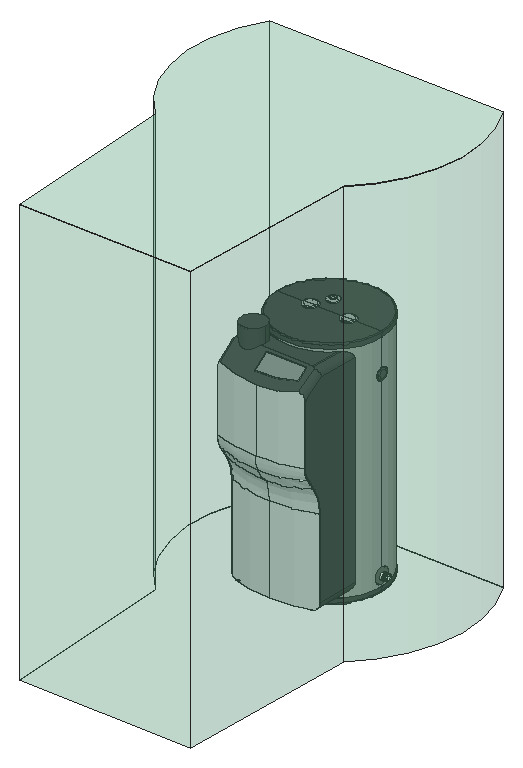
Revit family "Innovo NL_IR 20 160 NL NAT", category Mechanical Equipment, Revit 2015
Parameters (values of type "IR-20-160 NL NAT")
  Werkruimte Radius = Diameter + 170 mm  # 730 mm
  Werkruimte Hoogte = Hoogte + 1000 mm  # 2270 mm
  Werkruimte Afstand Voor = 1000 mm
  Werkruimte [instance] = yes
  Voorzorgsmaatregelen tijdens montage, installatie of onderhoud = "zie Gebruikers, Installatie, Service en Onderhouds handleiding"  # constant formula
  Voltage = 230 V  # constant formula
  Verpakkingslengte = 946 mm  # constant formula
  Verpakkingshoogte = 1465 mm
  Verpakkingsbreedte = 786 mm  # constant formula
  Uitsluitend werkend in daluren = no
  Type aanduiding = "IR-20-160"
  Transportgewicht = 114 kg
  Totaal Gewicht = 274 kg
  Stilstandsverlies - dagelijks (24u) = 0 W
  Stilstandsverlies = 0 W
  Standaard Afgesteld op = "G30/G31"
  Stand Regelthermostaat = 65 °C  # constant formula
  Soort Verpakking = "Karton en Hout"  # constant formula
  Slimme controlefunctie = no
  Setpoint thermostaat = 65 °C  # constant formula
  Seizoens Rendement (Hs) = [Rendement (Hs, vlgs. NEN-EN 89 - 1999)]  # 95
  Rendement (Hs, vlgs. NEN-EN 89 - 1999) = 95
  Rendement (Hi, vlgs. NEN-EN 89 - 1999) = 106
  Produktspecificaties Link = ""
  Produkthandleiding Link = ""
  Produkt Model Nummer (EAN-nummer) = "8717449283902"
  Onderhoudsinterval = "12 maanden"  # constant formula
  Nominale Belasting (Onderwaarde) = "20500.0/18000.0"
  Nominale Belasting (Bovenwaarde) = "21200.0/19600.0"
  Nominaal Vermogen = "21200.0/18700.0"
  NOx-uitstoot mg/kWh = "64.0/30.0"
  NOx-uitstoot (lucht vrij, 0% O2) ppm = "39.0/18.0"
  Min. Stand Regelthermostaat = 40 °C  # constant formula
  Max. Werkdruk = 800000.0 Pa
  Max. Stand Regelthermostaat = 85 °C  # constant formula
  Max. Rookgastemperatuur = 61 °C
  Ledig Gewicht = 95 kg
  Kraan Hoogte 02 = if(and(Hoogte = 1745 mm, Diameter = 675 mm), 1518 mm, if(and(Hoogte = 1745 mm, Diameter = 610 mm), 1534 mm, if(Hoogte = 1545 mm, 1328 mm, 1070 mm)))  # 1070 mm
  Kraan Hoogte 01 = if(and(Diameter > 560 mm), 693 mm, 604 mm)  # 604 mm
  Uitschakeldruk LDS < = 115.0 Pa
  URL = "www.aosmith.nl"
  Tapcapaciteit bij ΔT = 70°C  na 90 min. = 410.0 L
  Tapcapaciteit bij ΔT = 70°C  na 60 min. = 290.0 L
  Tapcapaciteit bij ΔT = 70°C  na 30 min. = 170.0 L
  Tapcapaciteit bij ΔT = 70°C  na 120 min. = 520.0 L
  Tapcapaciteit bij ΔT = 55°C  na 90 min. = 540.0 L
  Tapcapaciteit bij ΔT = 55°C  na 60 min. = 390.0 L
  Tapcapaciteit bij ΔT = 55°C  na 30 min. = 240.0 L
  Tapcapaciteit bij ΔT = 55°C  na 120 min. = 700.0 L
  Tapcapaciteit bij ΔT = 50°C  na 90 min. = 600.0 L
  Tapcapaciteit bij ΔT = 50°C  na 60 min. = 440.0 L
  Tapcapaciteit bij ΔT = 50°C  na 30 min. = 270.0 L
  Tapcapaciteit bij ΔT = 50°C na 120 min. = 770.0 L
  Tapcapaciteit bij ΔT = 44°C na 120 min. = 690.0 L
  Tapcapaciteit bij ΔT = 44°C  na 90 min. = 510.0 L
  Tapcapaciteit bij ΔT = 44°C  na 60 min. = 320.0 L
  Tapcapaciteit bij ΔT = 44°C  na 30 min. = 880.0 L
  Tapcapaciteit bij ΔT = 28°C na 90 min. = 1200.0 L
  Tapcapaciteit bij ΔT = 28°C na 60 min. = 820.0 L
  Tapcapaciteit bij ΔT = 28°C na 30 min. = 530.0 L
  Tapcapaciteit bij ΔT = 28°C na 120 min. = 1500.0 L
  Tapcapaciteit Continu bij ΔT = 70°C = 240.0 L/s
  Tapcapaciteit Continu bij ΔT = 55°C = 300.0 L/s
  Tapcapaciteit Continu bij ΔT = 50°C = 330.0 L/s
  Tapcapaciteit Continu bij ΔT = 44°C = 380.0 L/s
  Tapcapaciteit Continu bij ΔT = 28°C = 590.0 L/s
  Opwarmtijd bij ΔT = 70°C = "27"
  Opwarmtijd bij ΔT = 55°C = "21"
  Opwarmtijd bij ΔT = 50°C = "19"
  Opwarmtijd bij ΔT = 44°C = "17"
  Opwarmtijd bij ΔT = 28°C = "11"
  Model = "IR-20-160 NL LP"
  Manufacturer = "A.O. Smith Water Products Company b.v."  # constant formula
  Length = 780 mm  # constant formula
  Jaarlijks elektriciteitsverbruik (2) = "-"
  Jaarlijks elektriciteitsverbruik (1) = "37 kWh"
  Jaarlijks brandstofverbruik (2) = "-"
  Jaarlijks brandstofverbruik (1) = "16 GJ GCV"
  Isolatiedikte = 50 mm
  Installatie Typen = "B23/C13/C33/C43/C53/C63"  # constant formula
  Inhoud = 160.0 L
  Hoogte Warm Water Uitlaat = 1270 mm
  Hoogte Rookgasafvoer = 1295 mm
  Hoogte Lucht Inlaat = 1295 mm
  Hoogte Koud Water Inlaat = 170 mm
  Hoogte Gas Aansluiting = 860 mm
  Hoogte = 1270 mm
  Handelsmerk = "A.O. Smith"  # constant formula
  Geluidsniveau dB (A) = "<45"  # constant formula
  Geluidsniveau binnen = "52 dB"
  Gasverbruik - Volume ltr/hr = "-"
  Gasverbruik - Massa kg/h = "1.60/1.40"
  Gascategorie = "II2EK3B/P"  # constant formula
  Gas Voordruk = 5000.0 Pa
  Gas Aansluiting = 15"  # constant formula
  Garrantie op Tank = "36 maanden"  # constant formula
  Garrantie op Onderdelen = "12 maanden"  # constant formula
  Frequentie = 50 Hz  # constant formula
  Fase = 1
  Fabrikantnummer = "E 7110"  # constant formula
  Energie-efficiëntieklasse voor waterverwarming (2) = "-"
  Energie-efficiëntieklasse voor waterverwarming (1) = "A"  # constant formula
  Energie-efficiëntie voor waterverwarming (2) = "-"
  Energie-efficiëntie voor waterverwarming (1) = "92%"
  Elektrisch Vermogen (piek) = 85 W
  Elektrisch Vermogen (nominaal) = 36 W
  Diameter Schoorsteen - parallel systeem = "2x80"  # constant formula
  Diameter Schoorsteen - concentrisch systeem = "80/125 mm/mm"  # constant formula
  Diameter Schoorsteen - boiler = "80/125 mm/mm"  # constant formula
  Diameter = 560 mm
  Description = "Condenserende Hoog Rendementsboiler"  # constant formula
  Created By = "http://www.cadcompany.nl/"
  Capaciteitsprofiel = "XL"
  CO2-uitstoot (tol. +/- 1.0) vol% = "11.8/10.0"
  CE-PIN = "0063CQ3037"  # constant formula
  Breedte = Diameter  # 560 mm
  Bestemming / Land = "Nederland"  # constant formula
  BIM Content Developer = "CAD & Company"  # constant formula
  Assembly Code = "D3010"
  Ander capaciteitsprofiel = "-"
  Aansluiting Warm Water = 3/4"
  Aansluiting T&P = 3/4"
  Aansluiting Koud Water = 3/4"  # constant formula
  Aansluiting Condensafvoer = 40 mm  # constant formula
  Aansluiting Aftapkraan = 3/4"  # constant formula
  2e Onderhoud (algeheel onderhoud) = "12 maanden na installatie"  # constant formula
  1e Onderhoud (check-up) = "3 maanden na installatie"  # constant formula
Reference planes
  plane 1 "Center (Front/Back)": y = 0
  plane 2: z = 0
  plane 3 "Center (Left/Right)": x = 0
  plane 4 "Pipe": through (-383.901, 912.349, 194.799) normal (-0.0879, -0.0879, 0.9923)
  plane 5 "footing": y = 118.925
  plane 6 "footing front": y = -237.85
  plane 7: x = -280
  plane 8: x = 280
  plane 9: z = 1270
Forms (mm)
  Revolve 1, solid, material "RAL 9005", detail levels medium+fine
    sketch origin (0, -237.85, 0) x (-1, 0, 0) y (0, 0, 1)
      loop
        line (0, 28.9) -> (-15, 28.9) -> (-15, 26.4) -> (-8.671, 26.4) -> (-8.671, 18) -> (-5.686, 18) -> (-6.626, 17.06) -> (-6.626, 12.06) -> (-8.671, 12.06) -> (-8.671, 10) -> (-10.031, 10) -> (-23.271, 5.181)
        arc (-23.271, 5.181) -> (-23.763, 4.836) -> (-24.017, 4.293) r 1.159
        line (-24.017, 4.293) -> (-24.017, 1.03)
        arc (-24.017, 1.03) -> (-23.715, 0.302) -> (-22.986, 0) r 1.03
        line (-22.986, 0) -> (0, 0) -> (0, 28.9)
      axis (0, 28.9) -> (0, 0)
    angle from 0 to 360
  Revolve 2, solid, material "RAL 9005", detail levels medium+fine
    sketch origin (0, 118.925, 0) x (-1, 0, 0) y (0, 0, 1)
      loop
        line (-180.984, 28.9) -> (-195.984, 28.9) -> (-195.984, 26.4) -> (-189.655, 26.4) -> (-189.655, 18) -> (-186.67, 18) -> (-187.61, 17.06) -> (-187.61, 12.06) -> (-189.655, 12.06) -> (-189.655, 10) -> (-191.015, 10) -> (-204.256, 5.181)
        arc (-204.256, 5.181) -> (-204.747, 4.836) -> (-205.001, 4.293) r 1.159
        line (-205.001, 4.293) -> (-205.001, 1.03)
        arc (-205.001, 1.03) -> (-204.699, 0.302) -> (-203.971, 0) r 1.03
        line (-203.971, 0) -> (-180.984, 0) -> (-180.984, 28.9)
      axis (-180.984, 28.9) -> (-180.984, 0)
    angle from 0 to 360
  Revolve 3, solid, material "RAL 9005", detail levels medium+fine
    sketch origin (0, 118.925, 0) x (-1, 0, 0) y (0, 0, 1)
      loop
        line (179.016, 28.9) -> (164.016, 28.9) -> (164.016, 26.4) -> (170.345, 26.4) -> (170.345, 18) -> (173.33, 18) -> (172.39, 17.06) -> (172.39, 12.06) -> (170.345, 12.06) -> (170.345, 10) -> (168.985, 10) -> (155.744, 5.181)
        arc (155.744, 5.181) -> (155.253, 4.836) -> (154.999, 4.293) r 1.159
        line (154.999, 4.293) -> (154.999, 1.03)
        arc (154.999, 1.03) -> (155.301, 0.302) -> (156.029, 0) r 1.03
        line (156.029, 0) -> (179.016, 0) -> (179.016, 28.9)
      axis (179.016, 28.9) -> (179.016, 0)
    angle from 0 to 360
Lines and regions (mm)
  symbolic lines
    curve 1: line (0, 280.06, 0) -> (0, -280.06, 0)
    curve 2: line (-255.06, 0, 0) -> (255.06, 0, 0)
  symbolic lines, style "Workspace"
    curve 3: line (623.261, 380.06, 0) -> (-623.261, 380.06, 0)
    curve 4: arc (-623.261, 380.06, 0) -> (-726.942, -66.745, 0) -> (-543.632, -487.2, 0) r 730
    curve 5: line (-543.632, -487.2, 0) -> (-396.783, -1492.825, 0)
    curve 6: line (-396.783, -1492.825, 0) -> (399.03, -1492.825, 0)
    curve 7: line (399.03, -1492.825, 0) -> (545.76, -484.816, 0)
    curve 8: arc (545.76, -484.816, 0) -> (727.087, -65.154, 0) -> (623.261, 380.06, 0) r 730
Dimensions and locks
  plane 5 "footing" to plane 1 "Center (Front/Back)" = 118.925 mm
  plane 1 "Center (Front/Back)" to plane 6 "footing front" = 237.85 mm
  "Diameter": plane 7 to plane 8
  equal spacing: plane 7, plane 3 "Center (Left/Right)", plane 8
  "Hoogte": plane 9 to plane 2
  "Werkruimte Afstand Voor": curve 6 to nested 3
  "Werkruimte Radius": radius of curve 4
  "Werkruimte Radius": radius of curve 8
  aligned and locked: level to plane 2
  aligned and locked: nested 3 to Revolve 1 sketch curve
  aligned and locked: plane 3 "Center (Left/Right)" to Revolve 1 sketch curve
  aligned and locked: nested 3 to plane 1 "Center (Front/Back)"
  aligned and locked: plane 3 "Center (Left/Right)" to nested 3
  aligned and locked: nested 1 to plane 8
  aligned and locked: nested 5 to plane 8
  aligned and locked: nested 2 to plane 7
  aligned and locked: nested 4 to plane 7
  aligned and locked: nested 7 to plane 7
  aligned and locked: nested 8 to plane 3 "Center (Left/Right)"
  aligned and locked: curve 3 to nested 8
  aligned and locked: nested 8 to nested 3
Automatic sketch dimensions
  Revolve 1 sketch curve to level = 0 mm
  plane 3 "Center (Left/Right)" to Revolve 1 sketch curve = 5.686 mm
  Revolve 1 sketch curve to Revolve 1 sketch curve = 0.94 mm  (x2)
  Revolve 1 sketch curve to Revolve 1 sketch curve = 2.046 mm  (x2)
  Revolve 1 sketch curve to Revolve 1 sketch curve = 1.359 mm
  Revolve 1 sketch curve to Revolve 1 sketch curve = 6.329 mm
  level to Revolve 1 sketch curve = 4.091 mm
  Revolve 1 sketch curve to Revolve 1 sketch curve = 12.844 mm
  level to Revolve 1 sketch curve = 1.03 mm
  Revolve 1 sketch curve to Revolve 1 sketch curve = 0.111 mm
  level to Revolve 1 sketch curve = 5.181 mm
  Revolve 1 sketch curve to Revolve 1 sketch curve = 0.745 mm
  level to Revolve 1 sketch curve = 10 mm
  Revolve 1 sketch curve to Revolve 1 sketch curve = 2.06 mm
  Revolve 1 sketch curve to Revolve 1 sketch curve = 5 mm
  Revolve 1 sketch curve to Revolve 1 sketch curve = 8.4 mm
  Revolve 1 sketch curve to Revolve 1 sketch curve = 2.5 mm
  Revolve 1 sketch curve to level = 19.635 mm
  Revolve 1 sketch curve to Revolve 1 sketch curve = 46.465 mm
  Revolve 2 sketch curve to level = 0 mm
  level to Revolve 2 sketch curve = 1.03 mm
  Revolve 2 sketch curve to plane 8 = 74.999 mm
  level to Revolve 2 sketch curve = 5.181 mm
  Revolve 2 sketch curve to Revolve 2 sketch curve = 0.745 mm
  Revolve 2 sketch curve to Revolve 2 sketch curve = 0.397 mm
  Revolve 2 sketch curve to Revolve 2 sketch curve = 8.271 mm
  Revolve 2 sketch curve to Revolve 2 sketch curve = 13.241 mm
  Revolve 2 sketch curve to Revolve 2 sketch curve = 1.359 mm
  Revolve 2 sketch curve to Revolve 2 sketch curve = 6.329 mm
  Revolve 2 sketch curve to Revolve 2 sketch curve = 2.046 mm
  level to Revolve 2 sketch curve = 18 mm
  Revolve 2 sketch curve to Revolve 2 sketch curve = 0.94 mm  (x2)
  Revolve 2 sketch curve to Revolve 2 sketch curve = 8.671 mm
  Revolve 2 sketch curve to Revolve 2 sketch curve = 1.089 mm
  Revolve 2 sketch curve to Revolve 2 sketch curve = 8 mm
  Revolve 2 sketch curve to Revolve 2 sketch curve = 2.06 mm
  Revolve 2 sketch curve to Revolve 2 sketch curve = 8.4 mm
  Revolve 2 sketch curve to Revolve 2 sketch curve = 2.5 mm
  Revolve 2 sketch curve to Revolve 2 sketch curve = 0 mm
  Revolve 2 sketch curve to level = 19.635 mm
  Revolve 2 sketch curve to Revolve 2 sketch curve = 46.465 mm
  Revolve 3 sketch curve to level = 0 mm
  level to Revolve 3 sketch curve = 1.03 mm
  Revolve 3 sketch curve to plane 7 = 125.001 mm
  level to Revolve 3 sketch curve = 5.181 mm
  Revolve 3 sketch curve to Revolve 3 sketch curve = 0.745 mm
  Revolve 3 sketch curve to Revolve 3 sketch curve = 0.397 mm
  Revolve 3 sketch curve to Revolve 3 sketch curve = 8.271 mm
  Revolve 3 sketch curve to Revolve 3 sketch curve = 13.241 mm
  Revolve 3 sketch curve to Revolve 3 sketch curve = 1.359 mm
  Revolve 3 sketch curve to Revolve 3 sketch curve = 6.329 mm
  Revolve 3 sketch curve to Revolve 3 sketch curve = 2.046 mm
  level to Revolve 3 sketch curve = 18 mm
  Revolve 3 sketch curve to Revolve 3 sketch curve = 0.94 mm  (x2)
  Revolve 3 sketch curve to Revolve 3 sketch curve = 8.671 mm
  Revolve 3 sketch curve to Revolve 3 sketch curve = 1.089 mm
  Revolve 3 sketch curve to Revolve 3 sketch curve = 8 mm
  Revolve 3 sketch curve to Revolve 3 sketch curve = 2.06 mm
  Revolve 3 sketch curve to Revolve 3 sketch curve = 8.4 mm
  Revolve 3 sketch curve to Revolve 3 sketch curve = 2.5 mm
  Revolve 3 sketch curve to Revolve 3 sketch curve = 0 mm
  Revolve 3 sketch curve to level = 19.635 mm
  Revolve 3 sketch curve to Revolve 3 sketch curve = 46.465 mm
  curve 4 to curve 8 = 0 mm  (x2)
  plane 1 "Center (Front/Back)" to curve 2 = 0 mm
  curve 1 to plane 3 "Center (Left/Right)" = 0 mm
  plane 1 "Center (Front/Back)" to curve 4 = 0 mm
  curve 4 to plane 3 "Center (Left/Right)" = 0 mm
  curve 5 to plane 6 "footing front" = 249.35 mm
  plane 7 to curve 5 = 116.783 mm
  plane 8 to curve 7 = 119.03 mm
  curve 7 to plane 6 "footing front" = 246.966 mm
  curve 2 to plane 7 = 24.94 mm
  curve 2 to plane 8 = 24.94 mm
  curve 1 to plane 6 "footing front" = 42.21 mm
  plane 5 "footing" to curve 1 = 161.135 mm
Nested families
  nested 1: "Valve" at (280, -0.38, 1070) x (0, 1, 0) z (0, 0, 1), built-in parameter 1001364 <- "Kraan Hoogte 02", type "Valve"
  nested 2: "Drain Valve" at (-280, 0, 1070), built-in parameter 1001364 <- "Kraan Hoogte 02", type "Drain Valve"
  nested 3: "Housing Mother Housing S 57 (external)" at (0, -274.886, 0), type "Housing Mother_Housing S_57"
  nested 4: "Drain Valve" at (-280, 0, 177), type "Drain Valve"
  nested 5: "Drain Valve" at (280, 0, 107) x (-1, 0, 0) z (0, 0, 1), type "Drain Valve"
  nested 6: "Boiler" at (0, 0, 0), height <- "Hoogte", type "Boiler"
    with height 1270 mm
  nested 7: "Drain Valve" at (-280, 0, 604), built-in parameter 1001364 <- "Kraan Hoogte 01", type "Drain Valve"
  nested 8: "Innovo_workspace" at (0, 0, 0), Workspace <- "Werkruimte", Workspace Distance Front <- "Werkruimte Afstand Voor", Workspace Height <- "Werkruimte Hoogte", Workspace Radius <- "Werkruimte Radius", type "Workspace"
    with Workspace Radius 730 mm, Workspace Height 2270 mm, Workspace Distance Front 1000 mm, Workspace yes, Center to Front 492.825 mm
Connectors
  piping at (314.826, 0, 107), diameter 19.05, driven by "Aansluiting Aftapkraan"
    settings: on nested 5, index 1, connector inside diameter 24", connector length 0 mm, flow factor 0, pipe flow 0.0 L/s, pressure drop 0.0 Pa, fitting loss kfactor 0, connector angle 0.00°, fixture units 0, engagement length 0 mm, angle of deflection 0.00°, flow configuration 0, flow direction 0, fitting loss method 0, system type 19, joint type 0, gender type 0, connector reference index -1, connector utility 0, adjustable connector no, is connector primary yes, connector description ""
  hvac at (-147.013, -321.326, 1310.674)
    settings: on nested 3, index 2, duct flow 0.0 L/s, flow factor 0, pres drop 0.0 Pa, loss coef 0, conn angle 0.00°, conn width 304.8 mm, conn height 304.8 mm, conn diameter 125 mm, duct sys type 4, conn prof type 0, flow config 0, flow direction 0, loss method 0, conn ref index -1, conn util no, is conn primary yes, conn desc ""
Definition of nested family "Valve"
  Parameters (values of type "Valve")
    Type Comments = "T&P valve (internal)"
    Manufacturer = "A.O. Smith"
  Reference planes
    plane 1 "Center (Front/Back)": y = 0
    plane 2: z = 0
    plane 3 "Center (Left/Right)": x = 0
  Forms (mm)
    Extrusion 1, solid, detail levels fine
      sketch origin (0, 0, 0) x (1, 0, 0) y (0, 0, 1)
        loop
          circle (0, 0) r 31.5
      from -2.271 to 1.4
    Sweep 2, solid, detail levels fine
      path origin (0, -1.4, 0) x (1, 0, 0) y (0, 0, 1)
        loop
          circle (0, 0) r 31.5
      profile origin (0, -1.4, 31.5) x (0, 0, -1) y (0, -1, 0)
        loop
          line (7.3, 0) -> (7.3, 3) -> (0, 0) -> (7.3, 0)
  Dimensions and locks
    aligned and locked: level to plane 2
Definition of nested family "Drain Valve"
  Reference planes
    plane 1 "Center (Front/Back)": y = 0
    plane 2: z = 0
    plane 3 "Center (Left/Right)": x = 0
  Forms (mm)
    Revolve 1, solid, detail levels medium+fine
      sketch origin (0, 0, 0) x (1, 0, 0) y (0, 0, 1)
        loop
          line (-33.442, 15.696) -> (-34.826, 14.329) -> (-34.93, 12.731) -> (-16.555, 12.731) -> (-16.555, 0) -> (15.787, 0) -> (15.787, 18.3) -> (-14.4, 18.3) -> (-17.148, 15.533) -> (-18.729, 16.697) -> (-20.091, 15.333) -> (-21.672, 16.496) -> (-23.034, 15.133) -> (-24.614, 16.296) -> (-25.976, 14.932) -> (-27.557, 16.096) -> (-28.919, 14.732) -> (-30.5, 15.896) -> (-31.862, 14.532) -> (-33.442, 15.696)
        axis (-34.93, 0) -> (15.787, 0)
      angle from 0 to 360
  Dimensions and locks
    aligned and locked: level to plane 2
  Nested families
    nested 1: "Rubber sealing" at (2.592, -0.155, 0) x (0.0023, -1, 0) z (0, 0, 1), type "Rubber sealing", detail levels fine
  Definition of nested family "Rubber sealing"
    Reference planes
      plane 1 "Center (Front/Back)": y = 0
      plane 2: z = 0
      plane 3 "Center (Left/Right)": x = 0
    Forms (mm)
      Extrusion 1, solid, detail levels fine
        sketch origin (141.861, 319.581, 0) x (1, 0, 0) y (0, 1, 0)
          loop
            line (-216.354, -311.898) -> (-216.354, -313.94)
            arc (-216.354, -313.94) -> (-141.602, -321.581) -> (-66.861, -313.835) r 366.966
            line (-66.861, -313.835) -> (-66.861, -311.791)
            arc (-66.861, -311.791) -> (-141.602, -319.581) -> (-216.354, -311.898) r 364.966
        from -80 to 80
      Extrusion 2, void
        sketch origin (141.861, 319.581, 0) x (1, 0, 0) y (0, 0, 1)
          loop
            circle (-141.861, 0) r 13
          loop
            circle (-141.861, 0) r 110
          loop
            circle (-141.861, 0) r 40
        from 311.563 to 332.684
      Extrusion 3, void
        sketch origin (141.861, 319.581, 0) x (1, 0, 0) y (0, 0, 1)
          loop
            circle (-141.861, 0) r 18.25
        from 315.524 to 326.084
    Cuts and joins
      Extrusion 2, Extrusion 3 cuts Extrusion 1
    Dimensions and locks
      aligned and locked: level to plane 2
Definition of nested family "Housing Mother Housing S 57 (external)"
  Parameters (values of type "Housing Mother_Housing S_57")
    radius [instance] = 280 mm
    distance to boiler center = if(diameter = 675 mm, 189 mm, if(diameter = 610 mm, 154 mm, 129 mm))  # 129 mm
    diameter = 560 mm
  Reference planes
    plane 1 "Center (Front/Back)": y = 0
    plane 2: z = 0
    plane 3 "Center (Left/Right)": x = 0
    plane 4 "left": through (-245.286, 145.886, 1200) normal (0.9994, 0.0349, 0)
    plane 5: y = -217.939
    plane 6: y = 145.886
    plane 7: z = 1232.6
    plane 8: z = 65.89
    plane 9 "right": through (245.286, 145.886, 1200) normal (0.9994, -0.0349, 0)
    plane 10 "display": through (0, -90.37, 1221.196) normal (0, -0.5736, 0.8192)
    plane 11 "Potentiostat": z = 867.899
    plane 12 "boiler center": y = 274.886
    plane 13: x = -280
    plane 14: x = 280
  Forms (mm)
    Extrusion 1, solid
      sketch origin (0, 0, 0) x (1, 0, 0) y (0, 1, 0)
        loop
          line (-245.286, 145.886) -> (-232.581, -217.939) -> (232.581, -217.939) -> (245.286, 145.886)
          arc (245.286, 145.886) -> (0, 0.923) -> (-245.286, 145.886) r 280
      from 0 to 1232.6
    Sweep 2, void
      path origin (0, 0, 0) x (0, 1, 0) y (0, 0, 1)
        loop
          line (-217.939, 1232.6) -> (-217.939, 795.555)
          arc (-217.939, 795.555) -> (-212.387, 754.285) -> (-197.694, 715.322) r 183.924
          arc (-197.694, 715.322) -> (-179.915, 684.628) -> (-159.106, 655.901) r 348.284
          arc (-159.106, 655.901) -> (-131.411, 600.328) -> (-121.88, 538.973) r 202.254
          line (-121.88, 538.973) -> (-121.88, 61.106)
      profile origin (0, -217.939, 1014.077) x (1, 0, 0) y (0, 1, 0)
        loop
          arc (0, 0) -> (-117.533, 9.941) -> (-231.728, 39.475) r 699.984
          arc (-231.728, 39.475) -> (-233.391, 40.705) -> (-234.07, 42.659) r 3.505
          line (-234.07, 42.659) -> (-254.062, 42.659) -> (-254.062, -142.593) -> (254.07, -142.593) -> (254.07, 42.659) -> (234.07, 42.659)
          arc (234.07, 42.659) -> (233.391, 40.705) -> (231.728, 39.475) r 3.505
          arc (231.728, 39.475) -> (117.533, 9.941) -> (0, 0) r 699.984
    Extrusion 3, void
      sketch origin (0, 0, 0) x (0, 1, 0) y (0, 0, 1)
        loop
          arc (102.864, 70.869) -> (99.804, 70.709) -> (96.874, 69.813) r 12.57
          arc (96.874, 69.813) -> (87.878, 66.533) -> (78.516, 64.529) r 69.114
          arc (78.516, 64.529) -> (76.41, 64.284) -> (74.294, 64.148) r 41.206
          arc (74.294, 64.148) -> (65.203, 64.335) -> (56.122, 64.782) r 318.661
          arc (56.122, 64.782) -> (30.585, 66.179) -> (5.028, 67.128) r 1456.581
          line (5.028, 67.128) -> (-84.534, 73.135)
          arc (-84.534, 73.135) -> (-86.363, 73.808) -> (-87.536, 75.365) r 3.455
          line (-87.536, 75.365) -> (-264.473, 75.365) -> (-264.473, 0) -> (160.886, 0) -> (160.886, 103.945) -> (145.886, 103.945)
          arc (145.886, 103.945) -> (145.104, 97.827) -> (142.923, 92.059) r 26.364
          arc (142.923, 92.059) -> (141.067, 88.936) -> (138.867, 86.045) r 31.715
          arc (138.867, 86.045) -> (135.576, 82.49) -> (132.021, 79.2) r 62.615
          arc (132.021, 79.2) -> (125.841, 74.697) -> (119.091, 71.103) r 54.444
          arc (119.091, 71.103) -> (116.371, 70.272) -> (113.531, 70.123) r 11.669
          line (113.531, 70.123) -> (102.864, 70.869)
      from -254.062 to 254.07
    Sweep 4, void
      path origin (0, 0, 0) x (1, 0, 0) y (0, 1, 0)
        loop
          line (-245.286, 145.886) -> (-232.581, -217.939)
      profile origin (-238.933, -36.027, 0) x (0.999391, 0.034899, 0) y (0, 0, 1)
        loop
          line (-4.454, 0) -> (47.084, 0) -> (47.084, 73.431)
          arc (47.084, 73.431) -> (14.222, 85.134) -> (0.255, 117.1) r 43.922
          line (0.255, 117.1) -> (-4.454, 117.1) -> (-4.454, 0)
    Sweep 5, void
      path origin (0, 0, 0) x (-1, 0, 0) y (0, 1, 0)
        loop
          line (-245.286, 145.886) -> (-232.581, -217.939)
      profile origin (238.933, -36.027, 0) x (0.999391, -0.034899, 0) y (0, 0, 1)
        loop
          line (4.454, 0) -> (4.454, 117.1) -> (-0.255, 117.1)
          arc (-0.255, 117.1) -> (-14.222, 85.134) -> (-47.084, 73.431) r 43.922
          line (-47.084, 73.431) -> (-47.084, 0) -> (4.454, 0)
    Sweep 6, void
      path origin (-239.899, -8.377, 0) x (-0.034899, 0.999391, 0) y (0, 0, 1)
        loop
          line (-209.69, 1141.272) -> (-79.18, 1232.6) -> (154.358, 1232.6)
      profile origin (-241.211, 29.188, 1232.6) x (0, 0, 1) y (0.999391, 0.034899, 0)
        loop
          line (-45, -30) -> (75, -30) -> (75, 0) -> (75, 55) -> (2.799, 55) -> (-1.253, 35.128)
          arc (-1.253, 35.128) -> (-16.771, 9.564) -> (-45, -0.308) r 44.287
          line (-45, -0.308) -> (-45, -30)
    Sweep 7, void
      path origin (239.899, -8.377, 0) x (0.034899, 0.999391, 0) y (0, 0, 1)
        loop
          line (-209.69, 1141.272) -> (-79.18, 1232.6) -> (154.358, 1232.6)
      profile origin (241.211, 29.188, 1232.6) x (0, 0, -1) y (-0.999391, 0.034899, 0)
        loop
          line (-75, -25) -> (45, -25) -> (45, -0.308)
          arc (45, -0.308) -> (16.771, 9.564) -> (1.253, 35.128) r 44.287
          line (1.253, 35.128) -> (-2.799, 55) -> (-75, 55) -> (-75, -25)
    Extrusion 8, void
      sketch origin (0, 0, 0) x (0, 1, 0) y (0, 0, 1)
        loop
          line (-270, 1336.099) -> (-270, 1099.081) -> (68.497, 1336.099) -> (-270, 1336.099)
      from -425.038 to 444.42
    Extrusion 9, solid, detail levels medium+fine
      sketch origin (0, 0, 0) x (1, 0, 0) y (0, 1, 0)
        loop
          circle (-147.013, -46.44) r 65
      from 1163.174 to 1310.674
    Extrusion 10, void
      sketch origin (0, -603.506, 861.895) x (0, 0.819152, 0.573576) y (-1, 0, 0)
        loop
          arc (618.322, -173) -> (623.272, -170.95) -> (625.322, -166) r 7
          line (625.322, -166) -> (625.322, 35)
          arc (625.322, 35) -> (623.272, 39.95) -> (618.322, 42) r 7
          line (618.322, 42) -> (535.473, 42)
          arc (535.473, 42) -> (530.688, 40.11) -> (528.488, 35.46) r 7
          arc (528.488, 35.46) -> (531.569, -67.592) -> (554.18, -168.18) r 540
          arc (554.18, -168.18) -> (556.724, -171.668) -> (560.831, -173) r 7
          line (560.831, -173) -> (618.322, -173)
      from 0 to 137.286
    Sweep 11, solid, detail levels fine
      path origin (0, 0, 867.899) x (-1, 0, 0) y (0, -1, 0)
        loop
          line (309.749, -35.617) -> (204.371, -35.617)
          arc (204.371, -35.617) -> (196.509, -34.687) -> (189.082, -31.947) r 33.677
          line (189.082, -31.947) -> (-9.574, 69.274)
      profile origin (-257.06, 35.617, 867.899) x (0, 1, 0) y (0, 0, 1)
        loop
          circle (0, 0) r 7.316
        loop
          circle (0, 0) r 6.465
    Revolve 12, void
      sketch origin (0, 274.886, 0) x (-1, 0, 0) y (0, 0, 1)
        loop
          line (280, 1243.838) -> (0, 1243.838) -> (0, 54.9) -> (280, 54.9) -> (280, 1243.838)
        axis (0, 1243.838) -> (0, 54.9)
      angle from 0 to 360
  Cuts and joins
    Sweep 2, Extrusion 3, Sweep 4, Sweep 5, Sweep 6, Sweep 7, Extrusion 8, Extrusion 10, Revolve 12 cuts Extrusion 1
  Dimensions and locks
    plane 8 to plane 2 = 65.89 mm
    plane 7 to plane 8 = 1166.71 mm
    "distance to boiler center": plane 12 "boiler center" to plane 6
    "diameter": plane 14 to plane 13
    equal spacing: plane 14, plane 3 "Center (Left/Right)", plane 13
    "radius": plane 3 "Center (Left/Right)" to plane 13
    aligned and locked: level to plane 2
    aligned and locked: Extrusion 1 to plane 7
    aligned and locked: Extrusion 1 sketch curve to plane 5
    aligned and locked: Sweep 2 to Extrusion 3
    aligned and locked: Extrusion 3 to Sweep 2  (x2)
    aligned and locked: plane 7 to Sweep 2 sketch curve
    aligned and locked: plane 3 "Center (Left/Right)" to Revolve 12 sketch curve
    aligned and locked: Revolve 12 sketch curve to plane 3 "Center (Left/Right)"
    aligned and locked: plane 13 to Revolve 12 sketch curve
  Automatic sketch dimensions
    Extrusion 1 sketch curve to plane 4 "left" = 0 mm  (x2)
    Extrusion 1 sketch curve to plane 6 = 0 mm  (x2)
    Extrusion 1 sketch curve to plane 3 "Center (Left/Right)" = 0 mm
    Extrusion 1 sketch curve to plane 9 "right" = 0 mm
    plane 6 to Extrusion 1 sketch curve = 135.037 mm
    Sweep 2 sketch curve to plane 5 = 0 mm
    plane 5 to Sweep 2 sketch curve = 106.195 mm
    Sweep 2 sketch curve to plane 5 = 96.059 mm
    plane 1 "Center (Front/Back)" to Sweep 2 sketch curve = 34.053 mm
    plane 11 "Potentiostat" to Sweep 2 sketch curve = 6.417 mm
    Sweep 2 sketch curve to plane 6 = 33.705 mm
    Sweep 2 sketch curve to plane 11 "Potentiostat" = 68.615 mm
    Sweep 2 sketch curve to plane 11 "Potentiostat" = 72.345 mm
    Sweep 2 sketch curve to Sweep 2 sketch curve = 176.349 mm
    Sweep 2 sketch curve to Sweep 2 sketch curve = 0 mm  (x2)
    plane 8 to Sweep 2 sketch curve = 4.784 mm
    Extrusion 3 sketch curve to level = 0 mm
    Extrusion 3 sketch curve to plane 6 = 0 mm
    Extrusion 3 sketch curve to plane 6 = 26.363 mm
    Extrusion 3 sketch curve to Extrusion 3 sketch curve = 4.75 mm
    Extrusion 3 sketch curve to Extrusion 3 sketch curve = 5.179 mm
    Extrusion 3 sketch curve to plane 8 = 4.232 mm
    Extrusion 3 sketch curve to Extrusion 3 sketch curve = 0.814 mm
    Extrusion 3 sketch curve to plane 8 = 4.978 mm
    Extrusion 3 sketch curve to Extrusion 3 sketch curve = 10.667 mm
    Extrusion 3 sketch curve to Extrusion 3 sketch curve = 0.877 mm
    Extrusion 3 sketch curve to Extrusion 3 sketch curve = 17.827 mm
    Extrusion 3 sketch curve to Extrusion 3 sketch curve = 5.646 mm
    Extrusion 3 sketch curve to plane 6 = 69.562 mm
    Extrusion 3 sketch curve to Extrusion 3 sketch curve = 18.6 mm
    Extrusion 3 sketch curve to Extrusion 3 sketch curve = 22.538 mm
    Extrusion 3 sketch curve to plane 8 = 1.238 mm
    Extrusion 3 sketch curve to plane 1 "Center (Front/Back)" = 5.028 mm
    plane 1 "Center (Front/Back)" to Extrusion 3 sketch curve = 36.224 mm
    Extrusion 3 sketch curve to plane 8 = 10.692 mm
    plane 1 "Center (Front/Back)" to Extrusion 3 sketch curve = 84.302 mm
    Extrusion 3 sketch curve to plane 8 = 7.244 mm
    Extrusion 3 sketch curve to Extrusion 3 sketch curve = 0.231 mm
    Extrusion 3 sketch curve to Extrusion 3 sketch curve = 3.234 mm
    plane 5 to Extrusion 3 sketch curve = 46.534 mm
    plane 6 to Extrusion 3 sketch curve = 15 mm
    Extrusion 3 sketch curve to level = 1388.869 mm
    plane 8 to Extrusion 3 sketch curve = 7.561 mm
    Extrusion 3 sketch curve to Extrusion 3 sketch curve = 11.64 mm
    Extrusion 3 sketch curve to plane 8 = 38.054 mm
    Extrusion 3 sketch curve to Extrusion 3 sketch curve = 22.442 mm
    Extrusion 3 sketch curve to plane 8 = 39.432 mm
    Extrusion 3 sketch curve to Extrusion 3 sketch curve = 2.466 mm
    Extrusion 3 sketch curve to Extrusion 3 sketch curve = 14.17 mm
    Extrusion 3 sketch curve to Extrusion 3 sketch curve = 5.925 mm
    Extrusion 3 sketch curve to Extrusion 3 sketch curve = 6.186 mm
    Extrusion 3 sketch curve to Extrusion 3 sketch curve = 249.85 mm
    Extrusion 3 sketch curve to Extrusion 3 sketch curve = 0 mm  (x4)
    Extrusion 3 sketch curve to Extrusion 3 sketch curve = 6.845 mm
    plane 8 to Extrusion 3 sketch curve = 1.743 mm
    Sweep 4 sketch curve to plane 4 "left" = 0 mm  (x2)
    Sweep 4 sketch curve to plane 6 = 0 mm
    plane 5 to Sweep 4 sketch curve = 0 mm
    Sweep 4 sketch curve to level = 0 mm
    profile plane to Sweep 4 sketch curve = 4.454 mm
    Sweep 4 sketch curve to profile plane = 0.255 mm
    Sweep 4 sketch curve to Sweep 4 sketch curve = 43.922 mm
    Sweep 4 sketch curve to profile plane = 47.084 mm
    level to Sweep 4 sketch curve = 73.431 mm
    Sweep 4 sketch curve to Sweep 4 sketch curve = 43.669 mm
    Sweep 5 sketch curve to plane 6 = 0 mm
    Sweep 5 sketch curve to plane 9 "right" = 0 mm  (x2)
    plane 5 to Sweep 5 sketch curve = 0 mm
    Sweep 5 sketch curve to level = 0 mm
    profile plane to Sweep 5 sketch curve = 47.084 mm
    Sweep 5 sketch curve to Sweep 5 sketch curve = 2.907 mm
    profile plane to Sweep 5 sketch curve = 0.255 mm
    Sweep 5 sketch curve to profile plane = 4.454 mm
    level to Sweep 5 sketch curve = 73.431 mm
    Sweep 5 sketch curve to Sweep 5 sketch curve = 43.669 mm
    Sweep 6 sketch curve to plane 7 = 0 mm
    plane 7 to Sweep 6 sketch curve = 91.328 mm
    Sweep 6 sketch curve to Sweep 6 sketch curve = 130.509 mm
    Sweep 6 sketch curve to Sweep 6 sketch curve = 233.538 mm
    Sweep 6 sketch curve to plane 4 "left" = 0 mm
    profile plane to Sweep 6 sketch curve = 45 mm
    Sweep 6 sketch curve to Sweep 6 sketch curve = 0.354 mm
    profile plane to Sweep 6 sketch curve = 1.253 mm
    Sweep 6 sketch curve to profile plane = 2.799 mm
    Sweep 6 sketch curve to Sweep 6 sketch curve = 72.201 mm
    Sweep 6 sketch curve to plane 4 "left" = 0.308 mm
    Sweep 6 sketch curve to Sweep 6 sketch curve = 29.692 mm
    plane 4 "left" to Sweep 6 sketch curve = 35.128 mm
    plane 4 "left" to Sweep 6 sketch curve = 55 mm
    Sweep 7 sketch curve to plane 7 = 0 mm
    Sweep 7 sketch curve to plane 7 = 91.328 mm
    Sweep 7 sketch curve to Sweep 7 sketch curve = 130.509 mm
    Sweep 7 sketch curve to Sweep 7 sketch curve = 233.538 mm
    Sweep 7 sketch curve to plane 9 "right" = 25 mm
    profile plane to Sweep 7 sketch curve = 75 mm
    profile plane to Sweep 7 sketch curve = 2.799 mm
    Sweep 7 sketch curve to profile plane = 1.253 mm
    Sweep 7 sketch curve to Sweep 7 sketch curve = 43.393 mm
    Sweep 7 sketch curve to profile plane = 45 mm
    Sweep 7 sketch curve to plane 9 "right" = 0.308 mm
    plane 9 "right" to Sweep 7 sketch curve = 35.128 mm
    Sweep 7 sketch curve to Sweep 7 sketch curve = 19.872 mm
    plane 5 to Extrusion 8 sketch curve = 52.061 mm
    Extrusion 8 sketch curve to plane 1 "Center (Front/Back)" = 68.497 mm
    plane 7 to Extrusion 8 sketch curve = 133.519 mm
    Extrusion 8 sketch curve to plane 7 = 103.499 mm
    plane 1 "Center (Front/Back)" to Extrusion 9 sketch curve = 46.44 mm
    Extrusion 9 sketch curve to plane 3 "Center (Left/Right)" = 147.013 mm
    Extrusion 10 sketch curve to plane 3 "Center (Left/Right)" = 0 mm
    Extrusion 10 sketch curve to plane 3 "Center (Left/Right)" = 35 mm
    Extrusion 10 sketch curve to Extrusion 10 sketch curve = 25.359 mm
    Extrusion 10 sketch curve to Extrusion 10 sketch curve = 57.491 mm
    Extrusion 10 sketch curve to plane 3 "Center (Left/Right)" = 42 mm
    Extrusion 10 sketch curve to Extrusion 10 sketch curve = 82.85 mm
    Extrusion 10 sketch curve to Extrusion 10 sketch curve = 7 mm
    Extrusion 10 sketch curve to Extrusion 10 sketch curve = 442 mm
    plane 3 "Center (Left/Right)" to Extrusion 10 sketch curve = 166 mm
    Extrusion 10 sketch curve to Extrusion 10 sketch curve = 0 mm  (x2)
    Sweep 11 sketch curve to plane 1 "Center (Front/Back)" = 31.947 mm
    Sweep 11 sketch curve to plane 3 "Center (Left/Right)" = 189.082 mm
    Sweep 11 sketch curve to plane 1 "Center (Front/Back)" = 1.94 mm
    Sweep 11 sketch curve to Sweep 11 sketch curve = 15.289 mm
    plane 3 "Center (Left/Right)" to Sweep 11 sketch curve = 9.574 mm
    Sweep 11 sketch curve to Sweep 11 sketch curve = 105.378 mm
    plane 1 "Center (Front/Back)" to Sweep 11 sketch curve = 69.274 mm
    Sweep 11 sketch curve to Sweep 11 sketch curve = 0 mm  (x2)
    Sweep 11 sketch curve to plane 11 "Potentiostat" = 0 mm
    Sweep 11 sketch curve to profile plane = 0 mm
    plane 8 to Revolve 12 sketch curve = 10.99 mm
    Revolve 12 sketch curve to plane 7 = 11.238 mm
    Revolve 12 sketch curve to level = 366.045 mm
    Revolve 12 sketch curve to Revolve 12 sketch curve = 971.917 mm
    Sweep 2 sketch curve to plane 3 "Center (Left/Right)" = 0 mm
    profile plane to Sweep 2 sketch curve = 0 mm
    Sweep 2 sketch curve to plane 3 "Center (Left/Right)" = 0.016 mm
    Sweep 2 sketch curve to profile plane = 42.782 mm  (x2)
    Sweep 2 sketch curve to plane 3 "Center (Left/Right)" = 230.568 mm
    plane 3 "Center (Left/Right)" to Sweep 2 sketch curve = 0.016 mm
    plane 3 "Center (Left/Right)" to Sweep 2 sketch curve = 230.568 mm
    Sweep 2 sketch curve to Sweep 2 sketch curve = 3.502 mm  (x2)
    Sweep 2 sketch curve to Sweep 2 sketch curve = 20 mm
    profile plane to Sweep 2 sketch curve = 142.593 mm
    Sweep 2 sketch curve to Sweep 2 sketch curve = 0.122 mm  (x2)
    Sweep 2 sketch curve to Sweep 2 sketch curve = 657.203 mm
    Sweep 2 sketch curve to Sweep 2 sketch curve = 19.991 mm
    radius of Extrusion 9 sketch curve = 65 mm
    radius of Sweep 11 sketch curve = 7.316 mm
    radius of Sweep 11 sketch curve = 6.465 mm
  Nested families
    nested 1: "display" at (65.5, -130.939, 1192.79) x (-1, 0, 0) z (0, -0.5736, 0.8192), type "display"
  Definition of nested family "display"
    Parameters (values of type "display")
      Default Elevation = 1219.2 mm
    Reference planes
      plane 1 "Center (Front/Back)": y = 0
      plane 2: z = 0
      plane 3 "Center (Left/Right)": x = 0
    Forms (mm)
      Extrusion 1, solid, detail levels medium+fine
        sketch origin (-16.958, 11.842, -343.878) x (1, 0, 0) y (0, 0, -1)
          loop
            line (-233.523, -343.878) -> (-233.523, -346.592) -> (332.686, -346.592) -> (332.686, -343.878) -> (-233.523, -343.878)
        from -228.7 to 150.822
      Extrusion 2, void
        sketch origin (-16.958, 6.842, -343.878) x (1, 0, 0) y (0, 1, 0)
          loop
            line (-233.523, 155.822) -> (-233.523, -223.7) -> (332.686, -223.7) -> (332.686, 155.822) -> (-233.523, 155.822)
          loop
            arc (-90.542, -48.267) -> (-88.492, -53.216) -> (-83.542, -55.267) r 7
            line (-83.542, -55.267) -> (117.458, -55.267)
            arc (117.458, -55.267) -> (122.408, -53.216) -> (124.458, -48.267) r 7
            line (124.458, -48.267) -> (124.458, 34.583)
            arc (124.458, 34.583) -> (122.568, 39.368) -> (117.918, 41.568) r 7
            arc (117.918, 41.568) -> (14.866, 38.487) -> (-85.722, 15.876) r 540
            arc (-85.722, 15.876) -> (-89.21, 13.332) -> (-90.542, 9.224) r 7
            line (-90.542, 9.224) -> (-90.542, -48.267)
        from 328.878 to 363.083
    Cuts and joins
      Extrusion 2 cuts Extrusion 1
    Dimensions and locks
      aligned and locked: level to plane 2
Definition of nested family "Boiler"
  Parameters (values of type "Boiler")
    radius [instance] = 280 mm
    height [instance] = 1270 mm
    Diameter = 560 mm
  Reference planes
    plane 1 "Center (Front/Back)": y = 0
    plane 2: z = 0
    plane 3 "Center (Left/Right)": x = 0
    plane 4: z = 1243.838
    plane 5: z = 1270
    plane 6 "bottom": z = 28.9
    plane 7: z = 54.9
    plane 8 "top controle": y = 88
    plane 9: x = -280
    plane 10: x = 280
  Forms (mm)
    Revolve 1, solid
      sketch origin (0, 0, 0) x (1, 0, 0) y (0, 0, 1)
        loop
          line (0, 54.9) -> (-280, 54.9) -> (-280, 32.9)
          arc (-280, 32.9) -> (-278.828, 30.072) -> (-276, 28.9) r 4
          line (-276, 28.9) -> (0, 28.9) -> (0, 54.9)
        axis (0, 28.9) -> (0, 54.9)
      angle from 0 to 360
    Revolve 2, solid
      sketch origin (1.311, 0, 0) x (1, 0, 0) y (0, 0, 1)
        loop
          line (-278.86, 1243.838) -> (-278.86, 54.9) -> (-1.311, 54.9) -> (-1.311, 1243.838) -> (-278.86, 1243.838)
        axis (-1.311, 1243.838) -> (-1.311, 54.9)
      angle from 0 to 360
    Revolve 3, solid
      sketch origin (-9.205, 0, 377.212) x (-1, 0, 0) y (0, 0, 1)
        loop
          line (-148.904, 892.788) -> (-110.805, 892.788) -> (-110.805, 895.963) -> (-141.883, 895.963) -> (-148.904, 893.62) -> (-148.904, 892.788)
        axis (-110.805, 892.788) -> (-110.805, 895.963)
      angle from 0 to 360
    Revolve 4, solid
      sketch origin (0, 0, 718.065) x (1, 0, 0) y (0, 0, -1)
        loop
          line (0, -525.773) -> (-280, -525.773) -> (-280, -547.935)
          arc (-280, -547.935) -> (-278.828, -550.763) -> (-276, -551.935) r 4
          line (-276, -551.935) -> (0, -551.935) -> (0, -525.773)
        axis (0, -551.935) -> (0, -525.773)
      angle from 0 to 360
    Revolve 5, solid
      sketch origin (0, 88, 0) x (1, 0, 0) y (0, 0, 1)
        loop
          line (-19.051, 1270) -> (-19.051, 1271.074) -> (-32.63, 1275.604) -> (-32.63, 1271.117) -> (-37.266, 1271.117) -> (-38.383, 1270) -> (-19.051, 1270)
        axis (-50.8, 1270) -> (-50.8, 1275.604)
      angle from 0 to 360
    Revolve 6, solid
      sketch origin (-217.12, 0, 372.245) x (-1, 0, 0) y (0, 0, 1)
        loop
          line (-153.622, 897.755) -> (-115.52, 897.755) -> (-115.52, 900.93) -> (-146.626, 900.93) -> (-153.622, 898.596) -> (-153.622, 897.755)
        axis (-115.52, 897.755) -> (-115.52, 900.93)
      angle from 0 to 360
  Dimensions and locks
    "height": plane 5 to plane 2
    plane 6 "bottom" to plane 2 = 28.9 mm
    locked: plane 5 to plane 4 at 26.162
    locked: plane 1 "Center (Front/Back)" to plane 8 "top controle" at 88
    "Diameter": plane 10 to plane 9
    equal spacing: plane 10, plane 3 "Center (Left/Right)", plane 9
    "radius": plane 3 "Center (Left/Right)" to plane 9
    locked: plane 9 to Revolve 2 sketch curve at 2.452
    aligned and locked: level to plane 2
    aligned and locked: Revolve 2 sketch curve to plane 7
    aligned and locked: Revolve 2 sketch curve to plane 4
    aligned and locked: Revolve 1 sketch curve to plane 7
    aligned and locked: plane 6 "bottom" to Revolve 1 sketch curve
    aligned and locked: Revolve 4 sketch curve to plane 3 "Center (Left/Right)"
    aligned and locked: plane 5 to Revolve 4 sketch curve
    aligned and locked: Revolve 4 sketch curve to plane 4
    aligned and locked: plane 9 to Revolve 4 sketch curve
    aligned and locked: Revolve 1 sketch curve to plane 9
    aligned and locked: Revolve 2 sketch curve to plane 3 "Center (Left/Right)"
    aligned and locked: plane 3 "Center (Left/Right)" to Revolve 2 sketch curve
  Automatic sketch dimensions
    Revolve 1 sketch curve to plane 3 "Center (Left/Right)" = 0 mm  (x2)
    Revolve 1 sketch curve to Revolve 1 sketch curve = 4 mm
    Revolve 1 sketch curve to level = 40 mm
    Revolve 1 sketch curve to Revolve 1 sketch curve = 305.1 mm
    Revolve 2 sketch curve to level = 366.045 mm
    Revolve 2 sketch curve to plane 5 = 945.755 mm
    Revolve 3 sketch curve to plane 5 = 0 mm
    Revolve 3 sketch curve to plane 3 "Center (Left/Right)" = 139.699 mm
    plane 5 to Revolve 3 sketch curve = 3.175 mm
    Revolve 3 sketch curve to Revolve 3 sketch curve = 7.022 mm
    Revolve 3 sketch curve to Revolve 3 sketch curve = 31.078 mm
    Revolve 3 sketch curve to Revolve 3 sketch curve = 0.832 mm
    Revolve 3 sketch curve to Revolve 3 sketch curve = 0 mm
    Revolve 3 sketch curve to Revolve 3 sketch curve = 2.338 mm
    Revolve 3 sketch curve to Revolve 3 sketch curve = 4.487 mm
    Revolve 4 sketch curve to plane 3 "Center (Left/Right)" = 0 mm
    Revolve 4 sketch curve to Revolve 4 sketch curve = 4 mm
    Revolve 4 sketch curve to Revolve 4 sketch curve = 68.738 mm
    Revolve 4 sketch curve to Revolve 4 sketch curve = 305.1 mm
    Revolve 6 sketch curve to plane 5 = 0 mm
    plane 3 "Center (Left/Right)" to Revolve 6 sketch curve = 63.497 mm
    plane 5 to Revolve 6 sketch curve = 3.175 mm
    Revolve 6 sketch curve to Revolve 6 sketch curve = 6.997 mm
    Revolve 6 sketch curve to Revolve 6 sketch curve = 31.106 mm
    Revolve 6 sketch curve to Revolve 6 sketch curve = 0.84 mm
    Revolve 6 sketch curve to Revolve 6 sketch curve = 0 mm
    Revolve 6 sketch curve to Revolve 6 sketch curve = 7.216 mm
    Revolve 6 sketch curve to Revolve 6 sketch curve = 0.391 mm
    Revolve 5 sketch curve to Revolve 5 sketch curve = 13.578 mm
    Revolve 5 sketch curve to Revolve 5 sketch curve = 1.074 mm
    Revolve 5 sketch curve to Revolve 5 sketch curve = 12.417 mm
    Revolve 5 sketch curve to Revolve 5 sketch curve = 5.753 mm
    Revolve 5 sketch curve to plane 5 = 1.117 mm
    Revolve 5 sketch curve to Revolve 5 sketch curve = 1.117 mm
    plane 5 to Revolve 5 sketch curve = 4.396 mm
    Revolve 5 sketch curve to plane 5 = 0 mm
    Revolve 5 sketch curve to Revolve 5 sketch curve = 4.487 mm
    Revolve 5 sketch curve to plane 3 "Center (Left/Right)" = 38.383 mm
    Revolve 5 sketch curve to plane 5 = 5.604 mm
Definition of nested family "Innovo_workspace"
  Parameters (values of type "Workspace")
    Workspace Radius [instance] = 730 mm
    Workspace Height [instance] = 2270 mm
    Workspace Distance Front [instance] = 1000 mm
    Workspace [instance] = yes
    URL = "www.aosmith.nl"
    Model = ""
    Manufacturer = "A.O. Smith Water Products Company b.v."  # constant formula
    Description = ""
    Created By = ""
    Center to Front [instance] = 492.825 mm
    BIM Content Developer = "CAD & Company"  # constant formula
    Assembly Code = ""
  Reference planes
    plane 1 "Center (Front/Back)": y = 0
    plane 2: z = 0
    plane 3 "Center (Left/Right)": x = 0
    plane 4 "Pipe": through (-383.901, 912.349, 194.799) normal (-0.0879, -0.0879, 0.9923)
    plane 5 "front": y = -492.825
  Forms (mm)
    Extrusion 1, solid, visible <- "Workspace"
      sketch origin (0, 0, 0) x (1, 0, 0) y (0, 1, 0)
        loop
          line (456.53, -1492.825) -> (500.201, -531.695)
          arc (500.201, -531.695) -> (723.44, -97.643) -> (623.261, 380.06) r 730
          line (623.261, 380.06) -> (-623.261, 380.06)
          arc (-623.261, 380.06) -> (-723.227, -99.209) -> (-497.893, -533.856) r 730
          line (-497.893, -533.856) -> (-454.283, -1492.825) -> (456.53, -1492.825)
      from 0 to 2270 <- "Workspace Height"
  Lines and regions (mm)
    symbolic lines
      curve 1: line (0, 280.06, 0) -> (0, -280.06, 0)
      curve 2: line (-255.06, 0, 0) -> (255.06, 0, 0)
  Dimensions and locks
    locked: Extrusion 1 sketch curve to curve 1 at 100
    "Workspace Distance Front": plane 5 "front" to Extrusion 1
    "Center to Front": plane 1 "Center (Front/Back)" to plane 5 "front"
    "Workspace Radius": radius of Extrusion 1 sketch curve  (x2)
    aligned and locked: level to plane 2
  Automatic sketch dimensions
    plane 1 "Center (Front/Back)" to curve 2 = 0 mm
    curve 1 to plane 3 "Center (Left/Right)" = 0 mm
    plane 3 "Center (Left/Right)" to curve 2 = 255.06 mm
    curve 1 to plane 1 "Center (Front/Back)" = 280.06 mm
    curve 2 to plane 3 "Center (Left/Right)" = 255.06 mm
    plane 5 "front" to curve 1 = 212.765 mm
    Extrusion 1 sketch curve to Extrusion 1 sketch curve = 0 mm  (x2)
    plane 1 "Center (Front/Back)" to Extrusion 1 sketch curve = 0 mm
    Extrusion 1 sketch curve to plane 3 "Center (Left/Right)" = 0 mm
    Extrusion 1 sketch curve to plane 5 "front" = 41.031 mm
    Extrusion 1 sketch curve to plane 3 "Center (Left/Right)" = 454.283 mm
    plane 3 "Center (Left/Right)" to Extrusion 1 sketch curve = 456.53 mm
    Extrusion 1 sketch curve to plane 5 "front" = 38.869 mm
    Extrusion 1 sketch curve to Extrusion 1 sketch curve = 961.131 mm
